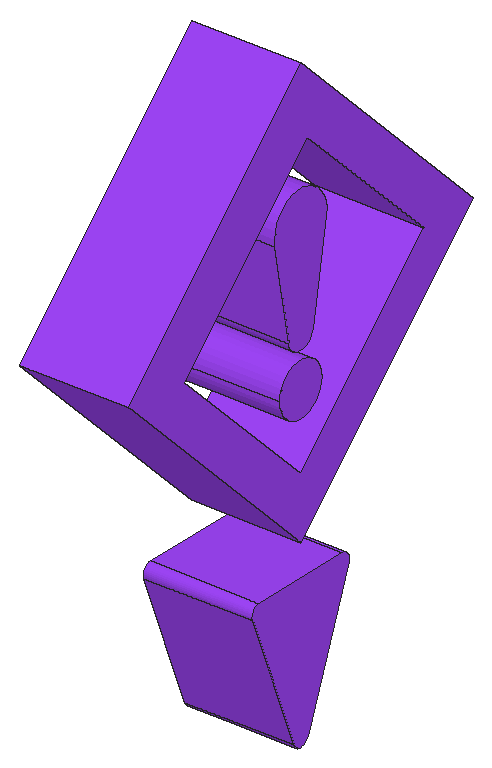
Revit family "ELEC-003", category Modèles génériques, Revit 2023
Family settings
  Peut héberger une armature = Non
  Cote de connecteur circulaire = Utiliser le diamètre
  Type d'élément = Normal
  Basée sur le plan de construction = Non
  Toujours verticalement = Oui
  Couper avec des vides une fois chargée = Non
  Conserver l'orientation des annotations = Non
  Partagée = Non
  Repère de localisation dans la pièce = Non
Parameters
  Elévation par défaut = 0 mm
Reference planes
  plane 1 "Center (Front/Back)": y = 0
  plane 2: z = 0
  plane 3 "Center (Left/Right)": x = 0
Forms (mm)
  Extrusion 1, solid, material "Default Roof", detail levels medium+fine
    sketch origin (125, 0, 0) x (0, -1, 0) y (0, 0, 1)
      loop
        line (-494.975, 916.748) -> (0, 421.773) -> (494.975, 916.748) -> (0, 1411.723) -> (-494.975, 916.748)
      loop
        line (-353.553, 916.748) -> (0, 563.195) -> (334.734, 897.929) -> (-18.819, 1251.483) -> (-353.553, 916.748)
      loop
        arc (138.095, 321.469) -> (135.906, 339.964) -> (119.423, 348.636) r 20
        line (119.423, 348.636) -> (-119.423, 348.636)
        arc (-119.423, 348.636) -> (-135.906, 339.964) -> (-138.095, 321.469) r 20
        line (-138.095, 321.469) -> (-19.961, 13.719)
        arc (-19.961, 13.719) -> (0, 0) -> (19.961, 13.719) r 21.381
        line (19.961, 13.719) -> (138.095, 321.469)
      loop
        circle (0, 738.344) r 60
      loop
        line (-73.213, 1065.058) -> (-35.01, 848.4)
        arc (-35.01, 848.4) -> (0, 819.023) -> (35.01, 848.4) r 35.55
        line (35.01, 848.4) -> (73.213, 1065.058)
        arc (73.213, 1065.058) -> (0, 1152.309) -> (-73.213, 1065.058) r 74.342
    from 0 to 250
Dimensions and locks
  aligned and locked: level to plane 2
